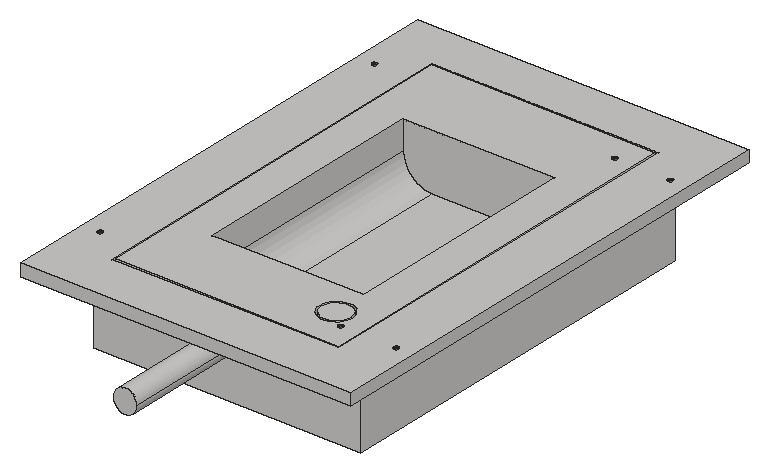
Revit family "Bottle_Filler-Outdoor-Murdock-M-OBR4_Series", category Plumbing Fixtures, host Face, Revit 2019
Family settings
  Host = Face
  Round Connector Dimension = Use Diameter
  Part Type = Normal
  OmniClass Number = 23.65.70.14.11
  OmniClass Title = Drinking Fountains/Coolers
  Cut with Voids When Loaded = No
  Shared = Yes
  Room Calculation Point = No
Parameters (values of type "M-OBR4")
  x = 7.04935"
  Waste Connection Diameter = 1 1/4"  # constant formula
  Waste Connection = yes
  WFU = 2
  Voltage Nominal = 115 V
  Vent Connection = no
  URL = "https://www.murdockmfg.com/home"
  Type Comments = ""
  Product Page URL = "https://www.murdockmfg.com/product.aspx?ProductId=299"
  Product Documentation Link = "https://www.murdockmfg.com/uploads/fileLibrary/MOBR4.pdf"
  Model = "M-OBR4"
  Material = "Stainless Steel-Murdock-Brushed Satin"
  Manufacturer = "Murdock Manufacturing"  # constant formula
  MO Bottle filler operated by pushbutton only = no
  Length = 17 1/2"
  Installation Type = "Recessed Wall Mounted"
  Inlet Diameter Connection = 1/4"  # constant formula
  Height = 26 1/4"
  HWFU = 0
  HW Connection = no
  Finish = Stainless Steel-Murdock-Brushed Satin
  Fill Rate = "1.0 GPM"
  FRA1 - Freeze resistant valve = no
  Description = "Recessed Outdoor Bottle Filler"  # constant formula
  Depth = 4"
  Default Elevation = 31 1/2"
  Creation Date = "08/24/2023"  # constant formula
  Compliance Certifications = "Unit complies with ANSI A117.1, Public Law 111-380 (NO-LEAD), CHSC 116875 and NSF/ANSI 61, Section 9."
  CWFU = 1.5
  CW Connection = yes
  BCD - Bottle Counter Display = no
  BAT Battery Powered Operation = no
  Assembly Code = "D2010820"
  Activation = "Sensor/ Push Button"
  ADA Compliant = yes
  A9100080-A 8 GPH remote water chiller = no
  -LOGO Customer Specified Logo / Graphics = no
Types (5): name | Model | Material | Finish
  (no name) | "M-OBR4" | "Stainless Steel-Murdock-Brushed Satin" | Stainless Steel-Murdock-Brushed Satin
  M-OBR4 | "M-OBR4" | "Stainless Steel-Murdock-Brushed Satin" | Stainless Steel-Murdock-Brushed Satin
  M-OBR5 | "M-OBR5" | "Stainless Steel-Murdock-Powder Coated Green" | Stainless Steel-Murdock-Powder Coated Green
  M-OBR6 | "M-OBR6" | "Stainless Steel-Murdock-Powder Coated Red" | Stainless Steel-Murdock-Powder Coated Red
  M-OBR7 | "M-OBR7" | "Stainless Steel-Murdock-Powder Coated Blue" | Stainless Steel-Murdock-Powder Coated Blue
Reference planes (in)
  plane 1 "Center (Front/Back)": y = 7.84322
  plane 2: z = 0
  plane 3 "Center (Left/Right)": x = -1.33443
  plane 4: x = -10.08443
  plane 5: x = 7.41557
  plane 6: y = 20.96822
  plane 7: y = -5.28178
  plane 8: x = -5.33443
  plane 9: x = 2.66557
  plane 10: z = 0.625
  plane 11: z = -4
  plane 12: x = -8.39693
  plane 13: x = 5.72807
  plane 14: y = 1.46822
  plane 15: y = 14.09322
  plane 16: y = -3.94817
  plane 17: y = -9.28178
  plane 18: y = -2.53178
  plane 19: y = 18.21822
  plane 20: x = 2.10307
  plane 21: x = -8.52193
  plane 22: x = 5.85307
  plane 23: y = 18.34322
  plane 24: y = -2.65678
  plane 25: y = 15.21822
Forms (in)
  Extrusion 1, solid, material "Stainless Steel-Murdock-Brushed Satin" <- "Finish"
    sketch origin (-7.87123, 0, 0) x (1, 0, 0) y (0, 1, 0)
      loop
        line (-2.21321, 20.96822) -> (-2.21321, -5.28178) -> (15.28679, -5.28178) -> (15.28679, 20.96822) -> (-2.21321, 20.96822)
    from 0 to 0.625
  Extrusion 2, solid, material "Stainless Steel-Murdock-Brushed Satin" <- "Finish"
    sketch origin (0, 0, 0) x (1, 0, 0) y (0, 1, 0)
      loop
        line (-8.39693, 18.21822) -> (-8.39693, -2.53178) -> (5.72807, -2.53178) -> (5.72807, 18.21822) -> (-8.39693, 18.21822)
    from -4 to 0
  Extrusion 3, void
    sketch origin (0, 0, 0) x (1, 0, 0) y (0, 1, 0)
      loop
        line (-7.23443, 18.36822) -> (-7.23443, -2.55678) -> (4.56557, -2.55678) -> (4.56557, 18.36822) -> (-7.23443, 18.36822)
      loop
        line (-7.33443, 18.46822) -> (-7.33443, -2.65678) -> (4.66557, -2.65678) -> (4.66557, 18.46822) -> (-7.33443, 18.46822)
      loop
        circle (2.66557, -0.33764) r 0.875
      loop
        circle (2.66557, -0.33764) r 0.77344
    from 0 to 0.625
  Extrusion 4, solid, material "Stainless Steel-Murdock-Brushed Satin" <- "Finish"
    sketch origin (0, 7.84322, 0) x (1, 0, 0) y (0, 0, 1)
      loop
        arc (2.66557, -0.875) -> (2.22623, -1.93566) -> (1.16557, -2.375) r 1.5
        line (1.16557, -2.375) -> (-3.83443, -2.375)
        arc (-3.83443, -2.375) -> (-4.89509, -1.93566) -> (-5.33443, -0.875) r 1.5
        line (-5.33443, -0.875) -> (-5.33443, 0.625) -> (-5.436, 0.625) -> (-5.436, -0.875)
        arc (-5.436, -0.875) -> (-4.96691, -2.00748) -> (-3.83443, -2.47656) r 1.60156
        line (-3.83443, -2.47656) -> (1.16557, -2.47656)
        arc (1.16557, -2.47656) -> (2.29804, -2.00748) -> (2.76713, -0.875) r 1.60156
        line (2.76713, -0.875) -> (2.76713, 0.625) -> (2.66557, 0.625) -> (2.66557, -0.875)
    from -6.3125 to 6.375
  Extrusion 5, void
    sketch origin (0, 7.84322, 0) x (1, 0, 0) y (0, 0, 1)
      loop
        line (2.76713, -0.875) -> (2.76713, 0.625) -> (-5.436, 0.625) -> (-5.436, -0.875)
        arc (-5.436, -0.875) -> (-4.96691, -2.00748) -> (-3.83443, -2.47656) r 1.60156
        line (-3.83443, -2.47656) -> (1.16557, -2.47656)
        arc (1.16557, -2.47656) -> (2.29804, -2.00748) -> (2.76713, -0.875) r 1.60156
    from -6.38162 to 6.4772
  Extrusion 6, solid, material "Stainless Steel-Murdock-Brushed Satin" <- "Finish"
    sketch origin (0, 7.90572, 0) x (1, 0, 0) y (0, 0, 1)
      loop
        line (2.76713, -0.875) -> (2.76713, 0.625) -> (2.66557, 0.625) -> (2.66557, -0.875)
        arc (2.66557, -0.875) -> (2.22623, -1.93566) -> (1.16557, -2.375) r 1.5
        line (1.16557, -2.375) -> (-3.83443, -2.375)
        arc (-3.83443, -2.375) -> (-4.89509, -1.93566) -> (-5.33443, -0.875) r 1.5
        line (-5.33443, -0.875) -> (-5.33443, 0.625) -> (-5.436, 0.625) -> (-5.436, -0.875)
        arc (-5.436, -0.875) -> (-4.96691, -2.00748) -> (-3.83443, -2.47656) r 1.60156
        line (-3.83443, -2.47656) -> (1.16557, -2.47656)
        arc (1.16557, -2.47656) -> (2.29804, -2.00748) -> (2.76713, -0.875) r 1.60156
    from -6.1875 to 6.4375
  Extrusion 7, solid, material "Stainless Steel-Murdock-Brushed Satin" <- "Finish"
    sketch origin (0, 7.84322, 0) x (1, 0, 0) y (0, 0, -1)
      loop
        line (2.76713, -0.625) -> (2.76713, 0.875)
        arc (2.76713, 0.875) -> (2.29804, 2.00748) -> (1.16557, 2.47656) r 1.60156
        line (1.16557, 2.47656) -> (-3.83443, 2.47656)
        arc (-3.83443, 2.47656) -> (-4.96691, 2.00748) -> (-5.436, 0.875) r 1.60156
        line (-5.436, 0.875) -> (-5.436, -0.625) -> (2.76713, -0.625)
    from -6.375 to -6.78174
  Extrusion 8, solid, material "Murdock- Grey"
    sketch origin (0, 7.84322, 0) x (1, 0, 0) y (0, 0, 1)
      loop
        circle (-1.33443, -1.08378) r 0.5
    from 6.24163 to 6.375
  Extrusion 9, solid, material "Murdock- Grey"
    sketch origin (0, 0, 0) x (1, 0, 0) y (0, 1, 0)
      loop
        circle (-9.15936, 16.96822) r 0.125
      loop
        circle (-9.15936, 16.96822) r 0.06189
      loop
        circle (6.49049, 16.96822) r 0.125
      loop
        circle (6.49049, 16.96822) r 0.06189
      loop
        circle (3.54697, 16.96822) r 0.125
      loop
        circle (3.54697, 16.96822) r 0.06189
      loop
        circle (-9.15936, -1.15678) r 0.125
      loop
        circle (-9.15936, -1.15678) r 0.06189
      loop
        circle (6.49049, -1.15678) r 0.125
      loop
        circle (6.49049, -1.15678) r 0.06189
      loop
        circle (3.54697, -1.15678) r 0.125
      loop
        circle (3.54697, -1.15678) r 0.06189
    from 0 to 0.63166
  Extrusion 10, solid, material "Stainless Steel-Murdock-Brushed Satin" <- "Finish"
    sketch origin (0, 7.84322, 0) x (1, 0, 0) y (0, 0, 1)
      loop
        circle (-1.33443, -1.08378) r 0.625
    from 6.375 to 17.125
  Extrusion 11, solid, material "Stainless Steel-Murdock-Brushed Satin" <- "Finish", not visible
    sketch origin (0, 0, 0) x (1, 0, 0) y (0, 1, 0)
      loop
        circle (2.10307, 15.21822) r 0.125
    from -4 to -3.94197
  Extrusion 12, solid, material "Stainless Steel-Murdock-Brushed Satin" <- "Finish", not visible
    sketch origin (0, 7.84322, 0) x (1, 0, 0) y (0, 0, 1)
      loop
        circle (1.35558, -0.9439) r 0.125
    from 10.375 to 10.5
  Extrusion 13, solid, material "Stainless Steel-Murdock-Brushed Satin" <- "Finish"
    sketch origin (0, 7.71822, 0) x (1, 0, 0) y (0, 0, 1)
      loop
        line (2.76713, 0.625) -> (-5.436, 0.625) -> (-5.436, -0.875)
        arc (-5.436, -0.875) -> (-4.96691, -2.00748) -> (-3.83443, -2.47656) r 1.60156
        line (-3.83443, -2.47656) -> (1.16557, -2.47656)
        arc (1.16557, -2.47656) -> (2.29804, -2.00748) -> (2.76713, -0.875) r 1.60156
        line (2.76713, -0.875) -> (2.76713, 0.625)
    from -6.375 to -6.50662
Cuts and joins
  Extrusion 3, Extrusion 5 cuts Extrusion 1
  Extrusion 3, Extrusion 5 cuts Extrusion 2
  Extrusion 5 cuts Extrusion 4
  joined: Extrusion 1, Extrusion 2, Extrusion 4, Extrusion 6, Extrusion 7, Extrusion 13
Dimensions and locks (in)
  equal spacing: plane 4, plane 3 "Center (Left/Right)", plane 5
  "Length": plane 4 to plane 5
  equal spacing: plane 7, plane 1 "Center (Front/Back)", plane 6
  "Height": plane 6 to plane 7
  equal spacing: plane 8, plane 3 "Center (Left/Right)", plane 9
  plane 8 to plane 9 = 8"
  plane 10 to host face = 5/8"
  host face to plane 11 = 4"
  equal spacing: plane 12, plane 3 "Center (Left/Right)", plane 13
  plane 12 to plane 13 = 14 1/8"
  plane 7 to plane 14 = 6 3/4"
  locked: plane 15 to plane 14 at 12.625
  locked: plane 17 to plane 7 at 4
  plane 19 to plane 18 = 20 3/4"
  equal spacing: plane 19, plane 1 "Center (Front/Back)", plane 18
  locked: plane 21 to plane 22 at 14.375
  equal spacing: plane 23, plane 1 "Center (Front/Back)", plane 24
  plane 23 to plane 24 = 21"
  plane 20 to plane 22 = 3 3/4"
  plane 6 to plane 23 = 2 5/8"
  plane 23 to plane 25 = 3 1/8"
  "Inlet Diameter Connection": diameter of Extrusion 11 sketch curve
  "Inlet Diameter Connection": diameter of Extrusion 12 sketch curve
  aligned and locked: plane 2 to host face
  aligned and locked: level to host face
  aligned and locked: plane 4 to Extrusion 1 sketch curve
  aligned and locked: Extrusion 1 sketch curve to plane 5
  aligned and locked: Extrusion 1 sketch curve to plane 7
  aligned and locked: Extrusion 1 sketch curve to plane 6
  aligned and locked: Extrusion 1 to level
  aligned and locked: plane 10 to Extrusion 1
  aligned and locked: plane 12 to Extrusion 2 sketch curve
  aligned and locked: plane 13 to Extrusion 2 sketch curve
  aligned and locked: Extrusion 2 to plane 11
  aligned and locked: level to Extrusion 2
  aligned and locked: Extrusion 1 to Extrusion 3
  aligned and locked: Extrusion 3 to host face
  aligned and locked: plane 10 to Extrusion 5 sketch curve
  aligned and locked: Extrusion 8 to plane 14
  aligned and locked: plane 14 to Extrusion 10
  aligned and locked: plane 19 to Extrusion 2
  aligned and locked: plane 18 to Extrusion 2
  aligned and locked: Extrusion 10 to plane 17
  aligned and locked: plane 20 to Extrusion 11 sketch curve
  aligned and locked: plane 25 to Extrusion 11 sketch curve
  aligned and locked: Extrusion 11 to plane 11
Automatic sketch dimensions
  host sketch curve to host sketch curve = 96"
  host sketch curve to host sketch curve = 69.58868"
  plane 18 to Extrusion 2 sketch curve = 0"
  Extrusion 2 sketch curve to plane 19 = 0"
  Extrusion 3 sketch curve to Extrusion 3 sketch curve = 0"  (x2)
  Extrusion 3 sketch curve to plane 24 = 0"
  Extrusion 3 sketch curve to plane 9 = 0"
  plane 23 to Extrusion 3 sketch curve = 0.025"
  plane 12 to Extrusion 3 sketch curve = 1.1625"
  Extrusion 3 sketch curve to Extrusion 3 sketch curve = 0.1"  (x2)
  plane 18 to Extrusion 3 sketch curve = 0.025"
  plane 13 to Extrusion 3 sketch curve = 1.1625"
  Extrusion 3 sketch curve to plane 14 = 1.80586"
  plane 23 to Extrusion 3 sketch curve = 1/8"
  Extrusion 4 sketch curve to Extrusion 4 sketch curve = 0"  (x4)
  Extrusion 4 sketch curve to plane 10 = 0"  (x2)
  Extrusion 4 sketch curve to plane 8 = 0"
  plane 9 to Extrusion 4 sketch curve = 0"
  Extrusion 4 sketch curve to Extrusion 4 sketch curve = 13/128"
  plane 8 to Extrusion 4 sketch curve = 1 1/2"
  Extrusion 4 sketch curve to plane 20 = 15/16"
  Extrusion 4 sketch curve to level = 7/8"
  Extrusion 5 sketch curve to plane 8 = 13/128"
  plane 8 to Extrusion 5 sketch curve = 1 1/2"
  Extrusion 5 sketch curve to plane 20 = 15/16"
  Extrusion 5 sketch curve to plane 9 = 13/128"
  Extrusion 5 sketch curve to level = 7/8"
  Extrusion 6 sketch curve to Extrusion 6 sketch curve = 0"  (x4)
  Extrusion 6 sketch curve to plane 10 = 0"  (x2)
  Extrusion 6 sketch curve to plane 8 = 0"
  plane 9 to Extrusion 6 sketch curve = 0"
  Extrusion 6 sketch curve to Extrusion 6 sketch curve = 13/128"
  plane 8 to Extrusion 6 sketch curve = 1 1/2"
  Extrusion 6 sketch curve to plane 20 = 15/16"
  Extrusion 6 sketch curve to level = 7/8"
  Extrusion 7 sketch curve to plane 10 = 0"
  Extrusion 7 sketch curve to plane 8 = 13/128"
  plane 8 to Extrusion 7 sketch curve = 1 1/2"
  Extrusion 7 sketch curve to plane 20 = 15/16"
  Extrusion 7 sketch curve to plane 9 = 13/128"
  Extrusion 7 sketch curve to level = 7/8"
  Extrusion 8 sketch curve to plane 3 "Center (Left/Right)" = 0"
  Extrusion 8 sketch curve to level = 1.08378"
  Extrusion 9 sketch curve to Extrusion 9 sketch curve = 0"  (x12)
  Extrusion 9 sketch curve to plane 21 = 0.63742"  (x2)
  Extrusion 9 sketch curve to plane 9 = 0.8814"  (x2)
  plane 22 to Extrusion 9 sketch curve = 0.63742"  (x2)
  Extrusion 9 sketch curve to plane 18 = 1 3/8"  (x3)
  Extrusion 9 sketch curve to plane 19 = 1 1/4"  (x3)
  Extrusion 10 sketch curve to plane 3 "Center (Left/Right)" = 0"
  Extrusion 10 sketch curve to level = 1.08378"
  Extrusion 13 sketch curve to plane 10 = 0"
  Extrusion 13 sketch curve to plane 8 = 13/128"
  plane 8 to Extrusion 13 sketch curve = 1 1/2"
  Extrusion 13 sketch curve to plane 20 = 15/16"
  Extrusion 13 sketch curve to plane 9 = 13/128"
  Extrusion 13 sketch curve to level = 7/8"
  Extrusion 12 sketch curve to plane 20 = 0.74749"
  Extrusion 12 sketch curve to level = 0.9439"
  radius of Extrusion 3 sketch curve = 7/8"
  radius of Extrusion 3 sketch curve = 99/128"
  radius of Extrusion 8 sketch curve = 1/2"
  radius of Extrusion 9 sketch curve = 1/8"  (x6)
  radius of Extrusion 9 sketch curve = 0.06189"  (x6)
  radius of Extrusion 10 sketch curve = 5/8"
Connectors (in)
  piping at (-1.33443, -9.28178, -1.08378), diameter 1.25, driven by "Waste Connection Diameter", driven by "WFU"
    settings: on Extrusion 10, index 1, connector inside diameter 24", connector length 0", flow factor 0, pipe flow 0 GPM, pressure drop 0.00 psi, fitting loss kfactor 0, connector angle 0.00°, fixture units 2, engagement length 0", angle of deflection 0.00°, flow configuration 3, flow direction 2, fitting loss method 0, system type 16, joint type 0, gender type 0, connector reference index -1, connector utility 0, adjustable connector no, is connector primary yes, connector description "1 1/4\" Waste Outlet Connection"
  piping at (2.10307, 15.21822, -4), diameter 0.25, driven by "Inlet Diameter Connection", driven by "CWFU"
    settings: on Extrusion 11, index 2, connector inside diameter 24", connector length 0", flow factor 0, pipe flow 0 GPM, pressure drop 0.00 psi, fitting loss kfactor 0, connector angle 0.00°, fixture units 1.5, engagement length 0", angle of deflection 0.00°, flow configuration 3, flow direction 1, fitting loss method 0, system type 20, joint type 0, gender type 0, connector reference index -1, connector utility 0, adjustable connector no, is connector primary no, connector description "1/4\" NPT Bottle FIller Supply Inlet"
  piping at (1.35558, -2.65678, -0.9439), diameter 0.25, driven by "Inlet Diameter Connection", driven by "CWFU"
    settings: on Extrusion 12, index 3, connector inside diameter 24", connector length 0", flow factor 0, pipe flow 0 GPM, pressure drop 0.00 psi, fitting loss kfactor 0, connector angle 0.00°, fixture units 1.5, engagement length 0", angle of deflection 0.00°, flow configuration 3, flow direction 1, fitting loss method 0, system type 20, joint type 0, gender type 0, connector reference index -1, connector utility 0, adjustable connector no, is connector primary no, connector description "1/4\" NPT Bottle FIller Supply Inlet 1"
